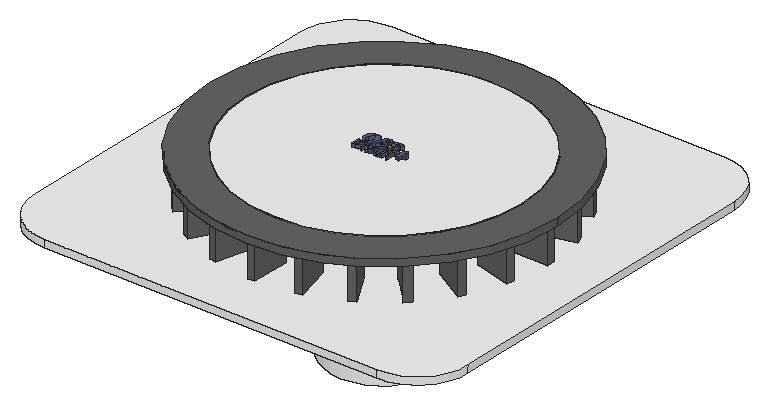
Revit family "QSS+_Воронка кровельная", category Оборудование, Revit 2019
Family settings
  Размер круглого соединителя = Использовать диаметр
  Классификация = Нет
  Тип детали = Нормальный
  На основе рабочей плоскости = Нет
  Всегда вертикально = Да
  При загрузке вырезать с полостями = Нет
  Общий = Нет
  Точка расчета площади = Нет
Parameters (values of type "QSS+")
  Поиск по таблице имен = "QSS+_Воронка кровельная"  # constant formula
  Подогрев [instance] = no
  Материал_Корпус_2 = Пластик
  Материал_Корпус = Металл
  p [instance] = if(Подогрев, 1 mm, 0 mm)  # 0 mm
  k [instance] = size_lookup(Поиск по таблице имен, "k", 80 mm, ADSK_Диаметр условный, p)  # 90 mm
  c2 [instance] = size_lookup(Поиск по таблице имен, "c2", 80 mm, ADSK_Диаметр условный, p)  # 240 mm
  a [instance] = size_lookup(Поиск по таблице имен, "a", 80 mm, ADSK_Диаметр условный, p)  # 125 mm
  URL = "www.agpipe.ru"
  b [instance] = size_lookup(Поиск по таблице имен, "b", 80 mm, ADSK_Диаметр условный, p)  # 30 mm
  c1 [instance] = size_lookup(Поиск по таблице имен, "c1", 80 mm, ADSK_Диаметр условный, p)  # 300 mm
  ADSK_Примечание = ""
  ADSK_Позиция [instance] = ""
  ADSK_Обозначение = ""
  ADSK_Наименование [instance] = size_lookup(Поиск по таблице имен, "ADSK_Наименование", "Нет в каталоге", ADSK_Диаметр условный, p)  # "Воронка кровельная QSS+ DN75"
  ADSK_Масса_Текст [instance] = ""
  ADSK_Код изделия [instance] = size_lookup(Поиск по таблице имен, "ADSK_Код изделия", "Нет в каталоге", ADSK_Диаметр условный, p)  # "QSS-RO-075"
  ADSK_Завод-изготовитель = "Agpipe"  # constant formula
  ADSK_Единица измерения = "шт."  # constant formula
  ADSK_Диаметр условный [instance] = 75 mm
Reference planes
  plane 1 "По центру (Вперед/Назад)": y = 0
  plane 2: z = 0
  plane 3 "По центру (Влево/Вправо)": x = 0
  plane 4: x = -150
  plane 5: x = 150
  plane 6: y = -150
  plane 7: y = 150
  plane 8: z = 30
  plane 9: z = -95
  plane 10: x = 37.5
  plane 11: x = -37.5
Forms (mm)
  Extrusion 1, solid, material "Металл" <- "Материал_Корпус"
    sketch origin (0, 0, 0) x (1, 0, 0) y (0, 1, 0)
      loop
        arc (-115, 150) -> (-139.749, 139.749) -> (-150, 115) r 35
        line (-150, 115) -> (-150, -115)
        arc (-150, -115) -> (-139.749, -139.749) -> (-115, -150) r 35
        line (-115, -150) -> (115, -150)
        arc (115, -150) -> (139.749, -139.749) -> (150, -115) r 35
        line (150, -115) -> (150, 115)
        arc (150, 115) -> (139.749, 139.749) -> (115, 150) r 35
        line (115, 150) -> (-115, 150)
      loop
        circle (0, 0) r 37.5
    from -5 to 0
  Extrusion 2, solid, material "Пластик" <- "Материал_Корпус_2"
    sketch origin (0, 0, 0) x (1, 0, 0) y (0, 1, 0)
      loop
        circle (0, 0) r 120
      loop
        circle (0, 0) r 95
    from 25 to 30
  Extrusion 3, solid, material "Металл" <- "Материал_Корпус"
    sketch origin (0, 0, 0) x (1, 0, 0) y (0, 1, 0)
      loop
        circle (0, 0) r 95
    from 25 to 30
  Extrusion 4, solid, material "Пластик" <- "Материал_Корпус_2"
    sketch origin (0, 0, 0) x (1, 0, 0) y (0, 1, 0)
      loop
        line (-2.5, 115) -> (-2.5, 88.641) -> (2.5, 88.641) -> (2.5, 115) -> (-2.5, 115)
    from 0 to 25
  Extrusion 5, solid, material "Пластик" <- "Материал_Корпус_2"
    sketch origin (0, 0, 0) x (0.965926, -0.258819, 0) y (0.258819, 0.965926, 0)
      loop
        line (-2.5, 115) -> (-2.5, 88.641) -> (2.5, 88.641) -> (2.5, 115) -> (-2.5, 115)
    from 0 to 25
  Extrusion 6, solid, material "Пластик" <- "Материал_Корпус_2"
    sketch origin (0, 0, 0) x (0.866025, -0.5, 0) y (0.5, 0.866025, 0)
      loop
        line (-2.5, 115) -> (-2.5, 88.641) -> (2.5, 88.641) -> (2.5, 115) -> (-2.5, 115)
    from 0 to 25
  Extrusion 7, solid, material "Пластик" <- "Материал_Корпус_2"
    sketch origin (0, 0, 0) x (0.707107, -0.707107, 0) y (0.707107, 0.707107, 0)
      loop
        line (-2.5, 115) -> (-2.5, 88.641) -> (2.5, 88.641) -> (2.5, 115) -> (-2.5, 115)
    from 0 to 25
  Extrusion 8, solid, material "Пластик" <- "Материал_Корпус_2"
    sketch origin (0, 0, 0) x (0.5, -0.866025, 0) y (0.866025, 0.5, 0)
      loop
        line (-2.5, 115) -> (-2.5, 88.641) -> (2.5, 88.641) -> (2.5, 115) -> (-2.5, 115)
    from 0 to 25
  Extrusion 9, solid, material "Пластик" <- "Материал_Корпус_2"
    sketch origin (0, 0, 0) x (0.258819, -0.965926, 0) y (0.965926, 0.258819, 0)
      loop
        line (-2.5, 115) -> (-2.5, 88.641) -> (2.5, 88.641) -> (2.5, 115) -> (-2.5, 115)
    from 0 to 25
  Extrusion 10, solid, material "Пластик" <- "Материал_Корпус_2"
    sketch origin (0, 0, 0) x (0, -1, 0) y (1, 0, 0)
      loop
        line (-2.5, 115) -> (-2.5, 88.641) -> (2.5, 88.641) -> (2.5, 115) -> (-2.5, 115)
    from 0 to 25
  Extrusion 11, solid, material "Пластик" <- "Материал_Корпус_2"
    sketch origin (0, 0, 0) x (-0.258819, -0.965926, 0) y (0.965926, -0.258819, 0)
      loop
        line (-2.5, 115) -> (-2.5, 88.641) -> (2.5, 88.641) -> (2.5, 115) -> (-2.5, 115)
    from 0 to 25
  Extrusion 12, solid, material "Пластик" <- "Материал_Корпус_2"
    sketch origin (0, 0, 0) x (-0.5, -0.866025, 0) y (0.866025, -0.5, 0)
      loop
        line (-2.5, 115) -> (-2.5, 88.641) -> (2.5, 88.641) -> (2.5, 115) -> (-2.5, 115)
    from 0 to 25
  Extrusion 13, solid, material "Пластик" <- "Материал_Корпус_2"
    sketch origin (0, 0, 0) x (-0.707107, -0.707107, 0) y (0.707107, -0.707107, 0)
      loop
        line (-2.5, 115) -> (-2.5, 88.641) -> (2.5, 88.641) -> (2.5, 115) -> (-2.5, 115)
    from 0 to 25
  Extrusion 14, solid, material "Пластик" <- "Материал_Корпус_2"
    sketch origin (0, 0, 0) x (-0.866025, -0.5, 0) y (0.5, -0.866025, 0)
      loop
        line (-2.5, 115) -> (-2.5, 88.641) -> (2.5, 88.641) -> (2.5, 115) -> (-2.5, 115)
    from 0 to 25
  Extrusion 15, solid, material "Пластик" <- "Материал_Корпус_2"
    sketch origin (0, 0, 0) x (-0.965926, -0.258819, 0) y (0.258819, -0.965926, 0)
      loop
        line (-2.5, 115) -> (-2.5, 88.641) -> (2.5, 88.641) -> (2.5, 115) -> (-2.5, 115)
    from 0 to 25
  Extrusion 16, solid, material "Пластик" <- "Материал_Корпус_2"
    sketch origin (0, 0, 0) x (-1, 0, 0) y (0, -1, 0)
      loop
        line (-2.5, 115) -> (-2.5, 88.641) -> (2.5, 88.641) -> (2.5, 115) -> (-2.5, 115)
    from 0 to 25
  Extrusion 17, solid, material "Пластик" <- "Материал_Корпус_2"
    sketch origin (0, 0, 0) x (-0.965926, 0.258819, 0) y (-0.258819, -0.965926, 0)
      loop
        line (-2.5, 115) -> (-2.5, 88.641) -> (2.5, 88.641) -> (2.5, 115) -> (-2.5, 115)
    from 0 to 25
  Extrusion 18, solid, material "Пластик" <- "Материал_Корпус_2"
    sketch origin (0, 0, 0) x (-0.866025, 0.5, 0) y (-0.5, -0.866025, 0)
      loop
        line (-2.5, 115) -> (-2.5, 88.641) -> (2.5, 88.641) -> (2.5, 115) -> (-2.5, 115)
    from 0 to 25
  Extrusion 19, solid, material "Пластик" <- "Материал_Корпус_2"
    sketch origin (0, 0, 0) x (-0.707107, 0.707107, 0) y (-0.707107, -0.707107, 0)
      loop
        line (-2.5, 115) -> (-2.5, 88.641) -> (2.5, 88.641) -> (2.5, 115) -> (-2.5, 115)
    from 0 to 25
  Extrusion 20, solid, material "Пластик" <- "Материал_Корпус_2"
    sketch origin (0, 0, 0) x (-0.5, 0.866025, 0) y (-0.866025, -0.5, 0)
      loop
        line (-2.5, 115) -> (-2.5, 88.641) -> (2.5, 88.641) -> (2.5, 115) -> (-2.5, 115)
    from 0 to 25
  Extrusion 21, solid, material "Пластик" <- "Материал_Корпус_2"
    sketch origin (0, 0, 0) x (-0.258819, 0.965926, 0) y (-0.965926, -0.258819, 0)
      loop
        line (-2.5, 115) -> (-2.5, 88.641) -> (2.5, 88.641) -> (2.5, 115) -> (-2.5, 115)
    from 0 to 25
  Extrusion 22, solid, material "Пластик" <- "Материал_Корпус_2"
    sketch origin (0, 0, 0) x (0, 1, 0) y (-1, 0, 0)
      loop
        line (-2.5, 115) -> (-2.5, 88.641) -> (2.5, 88.641) -> (2.5, 115) -> (-2.5, 115)
    from 0 to 25
  Extrusion 23, solid, material "Пластик" <- "Материал_Корпус_2"
    sketch origin (0, 0, 0) x (0.258819, 0.965926, 0) y (-0.965926, 0.258819, 0)
      loop
        line (-2.5, 115) -> (-2.5, 88.641) -> (2.5, 88.641) -> (2.5, 115) -> (-2.5, 115)
    from 0 to 25
  Extrusion 24, solid, material "Пластик" <- "Материал_Корпус_2"
    sketch origin (0, 0, 0) x (0.5, 0.866025, 0) y (-0.866025, 0.5, 0)
      loop
        line (-2.5, 115) -> (-2.5, 88.641) -> (2.5, 88.641) -> (2.5, 115) -> (-2.5, 115)
    from 0 to 25
  Extrusion 25, solid, material "Пластик" <- "Материал_Корпус_2"
    sketch origin (0, 0, 0) x (0.707107, 0.707107, 0) y (-0.707107, 0.707107, 0)
      loop
        line (-2.5, 115) -> (-2.5, 88.641) -> (2.5, 88.641) -> (2.5, 115) -> (-2.5, 115)
    from 0 to 25
  Extrusion 26, solid, material "Пластик" <- "Материал_Корпус_2"
    sketch origin (0, 0, 0) x (0.866025, 0.5, 0) y (-0.5, 0.866025, 0)
      loop
        line (-2.5, 115) -> (-2.5, 88.641) -> (2.5, 88.641) -> (2.5, 115) -> (-2.5, 115)
    from 0 to 25
  Extrusion 27, solid, material "Пластик" <- "Материал_Корпус_2"
    sketch origin (0, 0, 0) x (0.965926, 0.258819, 0) y (-0.258819, 0.965926, 0)
      loop
        line (-2.5, 115) -> (-2.5, 88.641) -> (2.5, 88.641) -> (2.5, 115) -> (-2.5, 115)
    from 0 to 25
  Revolve 28, solid, material "Металл" <- "Материал_Корпус"
    sketch origin (0, 0, 0) x (1, 0, 0) y (0, 0, 1)
      loop
        line (37.5, -95) -> (37.5, -75) -> (40, -72.5) -> (40, -67.5) -> (54.276, -67.5) -> (55, -66.776) -> (55, -5.627) -> (54.373, -5) -> (35, -5) -> (35, -95) -> (37.5, -95)
      axis (0, -95) -> (0, -5)
    angle from 0 to 360
Lines and regions (mm)
  reference lines
    curve 1: line (-40, 0, 0) -> (40, 0, 0)
Dimensions and locks
  equal spacing: plane 4, plane 3 "По центру (Влево/Вправо)", plane 5
  "c1": plane 4 to plane 5
  equal spacing: plane 7, plane 1 "По центру (Вперед/Назад)", plane 6
  "c1": plane 7 to plane 6
  "b": plane 8 to level
  "a": plane 8 to plane 9
  equal spacing: plane 10, plane 3 "По центру (Влево/Вправо)", plane 11
  plane 10 to plane 11 = 75 mm
  "c2": diameter of Extrusion 2 sketch curve
  diameter of Extrusion 1 sketch curve = 75 mm
  diameter of Extrusion 3 = 190 mm
  aligned and locked: level to plane 2
  aligned and locked: Extrusion 1 sketch curve to plane 7
  aligned and locked: plane 4 to Extrusion 1 sketch curve
  aligned and locked: plane 6 to Extrusion 1 sketch curve
  aligned and locked: Extrusion 1 sketch curve to plane 5
  aligned and locked: plane 8 to Extrusion 2
  aligned and locked: Extrusion 2 to Extrusion 3
  aligned and locked: nested 2 to Extrusion 3
  aligned and locked: plane 3 "По центру (Влево/Вправо)" to nested 2
  aligned and locked: plane 1 "По центру (Вперед/Назад)" to nested 2
Automatic sketch dimensions
  plane 1 "По центру (Вперед/Назад)" to curve 1 = 0 mm
  curve 1 to plane 3 "По центру (Влево/Вправо)" = 40 mm
  plane 3 "По центру (Влево/Вправо)" to curve 1 = 40 mm
  Extrusion 4 sketch curve to Extrusion 4 sketch curve = 26.359 mm
  Extrusion 4 sketch curve to Extrusion 4 sketch curve = 5 mm
  Extrusion 5 sketch curve to Extrusion 5 sketch curve = 26.359 mm
  Extrusion 5 sketch curve to Extrusion 5 sketch curve = 5 mm
  Extrusion 6 sketch curve to Extrusion 6 sketch curve = 26.359 mm
  Extrusion 6 sketch curve to Extrusion 6 sketch curve = 5 mm
  Extrusion 7 sketch curve to Extrusion 7 sketch curve = 26.359 mm
  Extrusion 7 sketch curve to Extrusion 7 sketch curve = 5 mm
  Extrusion 8 sketch curve to Extrusion 8 sketch curve = 26.359 mm
  Extrusion 8 sketch curve to Extrusion 8 sketch curve = 5 mm
  Extrusion 9 sketch curve to Extrusion 9 sketch curve = 26.359 mm
  Extrusion 9 sketch curve to Extrusion 9 sketch curve = 5 mm
  Extrusion 10 sketch curve to Extrusion 10 sketch curve = 26.359 mm
  Extrusion 10 sketch curve to Extrusion 10 sketch curve = 5 mm
  Extrusion 11 sketch curve to Extrusion 11 sketch curve = 26.359 mm
  Extrusion 11 sketch curve to Extrusion 11 sketch curve = 5 mm
  Extrusion 12 sketch curve to Extrusion 12 sketch curve = 26.359 mm
  Extrusion 12 sketch curve to Extrusion 12 sketch curve = 5 mm
  Extrusion 13 sketch curve to Extrusion 13 sketch curve = 26.359 mm
  Extrusion 13 sketch curve to Extrusion 13 sketch curve = 5 mm
  Extrusion 14 sketch curve to Extrusion 14 sketch curve = 26.359 mm
  Extrusion 14 sketch curve to Extrusion 14 sketch curve = 5 mm
  Extrusion 15 sketch curve to Extrusion 15 sketch curve = 26.359 mm
  Extrusion 15 sketch curve to Extrusion 15 sketch curve = 5 mm
  Extrusion 16 sketch curve to Extrusion 16 sketch curve = 26.359 mm
  Extrusion 16 sketch curve to Extrusion 16 sketch curve = 5 mm
  Extrusion 17 sketch curve to Extrusion 17 sketch curve = 26.359 mm
  Extrusion 17 sketch curve to Extrusion 17 sketch curve = 5 mm
  Extrusion 18 sketch curve to Extrusion 18 sketch curve = 26.359 mm
  Extrusion 18 sketch curve to Extrusion 18 sketch curve = 5 mm
  Extrusion 19 sketch curve to Extrusion 19 sketch curve = 26.359 mm
  Extrusion 19 sketch curve to Extrusion 19 sketch curve = 5 mm
  Extrusion 20 sketch curve to Extrusion 20 sketch curve = 26.359 mm
  Extrusion 20 sketch curve to Extrusion 20 sketch curve = 5 mm
  Extrusion 21 sketch curve to Extrusion 21 sketch curve = 26.359 mm
  Extrusion 21 sketch curve to Extrusion 21 sketch curve = 5 mm
  Extrusion 22 sketch curve to Extrusion 22 sketch curve = 26.359 mm
  Extrusion 22 sketch curve to Extrusion 22 sketch curve = 5 mm
  Extrusion 23 sketch curve to Extrusion 23 sketch curve = 26.359 mm
  Extrusion 23 sketch curve to Extrusion 23 sketch curve = 5 mm
  Extrusion 24 sketch curve to Extrusion 24 sketch curve = 26.359 mm
  Extrusion 24 sketch curve to Extrusion 24 sketch curve = 5 mm
  Extrusion 25 sketch curve to Extrusion 25 sketch curve = 26.359 mm
  Extrusion 25 sketch curve to Extrusion 25 sketch curve = 5 mm
  Extrusion 26 sketch curve to Extrusion 26 sketch curve = 26.359 mm
  Extrusion 26 sketch curve to Extrusion 26 sketch curve = 5 mm
  Extrusion 27 sketch curve to Extrusion 27 sketch curve = 26.359 mm
  Extrusion 27 sketch curve to Extrusion 27 sketch curve = 5 mm
  plane 1 "По центру (Вперед/Назад)" to Extrusion 3 sketch curve = 0 mm
  Extrusion 3 sketch curve to plane 3 "По центру (Влево/Вправо)" = 0 mm
  plane 1 "По центру (Вперед/Назад)" to Extrusion 1 sketch curve = 0 mm
  Extrusion 1 sketch curve to plane 3 "По центру (Влево/Вправо)" = 0 mm
  plane 4 to Extrusion 1 sketch curve = 35 mm
  Extrusion 1 sketch curve to Extrusion 1 sketch curve = 35 mm
  Extrusion 1 sketch curve to plane 5 = 35 mm  (x2)
  Revolve 28 sketch curve to plane 3 "По центру (Влево/Вправо)" = 0 mm
  Revolve 28 sketch curve to plane 9 = 0 mm  (x2)
  Revolve 28 sketch curve to plane 10 = 0 mm
  Revolve 28 sketch curve to plane 10 = 2.5 mm
  plane 10 to Revolve 28 sketch curve = 2.5 mm
  Revolve 28 sketch curve to Revolve 28 sketch curve = 14.276 mm
  Revolve 28 sketch curve to level = 5 mm
  plane 10 to Revolve 28 sketch curve = 16.873 mm
  Revolve 28 sketch curve to level = 5.627 mm
  Revolve 28 sketch curve to Revolve 28 sketch curve = 0.627 mm
  Revolve 28 sketch curve to Revolve 28 sketch curve = 20 mm  (x2)
  Revolve 28 sketch curve to Revolve 28 sketch curve = 2.5 mm
  Revolve 28 sketch curve to Revolve 28 sketch curve = 5 mm
  Revolve 28 sketch curve to Revolve 28 sketch curve = 0.724 mm
  Extrusion 2 sketch curve to Extrusion 2 sketch curve = 0 mm  (x2)
  plane 1 "По центру (Вперед/Назад)" to Extrusion 2 sketch curve = 0 mm
  Extrusion 2 sketch curve to plane 3 "По центру (Влево/Вправо)" = 0 mm
  radius of Extrusion 3 sketch curve = 95 mm
  radius of Extrusion 2 sketch curve = 95 mm
Nested families
  nested 1: "QSS+_Нагревательный элемент для воронок" at (0, 0, 0), visible <- "Подогрев", type "QSS+"
    with ADSK_Позиция "", ADSK_Наименование "Нагревательный элемент для воронок", ADSK_Масса_Текст "", ADSK_Код изделия "QSS-NGE-230"
  nested 2: "Лого" at (0, 0, 30), type "Лого"
    with Высота 2 mm
Connectors
  piping at (0, 0, -95), diameter 75, driven by "ADSK_Диаметр условный"
    settings: on Revolve 28, index 1, connector inside diameter 609.6 mm, connector length 0 mm, flow factor 0, pipe flow 0.0 L/s, pressure drop 0.0 Pa, fitting loss kfactor 0, connector angle 0.00°, fixture units 0, engagement length 0 mm, angle of deflection 0.00°, flow configuration 0, flow direction 0, fitting loss method 0, system type 28, joint type 0, gender type 0, connector reference index -1, connector utility 0, adjustable connector no, is connector primary yes, connector description ""
Definition of nested family "Лого"
  Parameters (values of type "Лого")
    Материал_Лого = none
    Высота = 10 mm
  Reference planes
    plane 1 "По центру (Вперед/Назад)": y = 0
    plane 2: z = 0
    plane 3 "По центру (Влево/Вправо)": x = 0
  Forms (mm)
    Extrusion 1, solid, material <- "Материал_Лого"
      sketch origin (0.011, 0.021, 0) x (1, 0, 0) y (0, 1, 0)
        loop
          line (11.196, 0.662) -> (8.786, 0.662) -> (8.786, -1.717) -> (11.196, -1.717) -> (11.196, -4.126) -> (13.605, -4.126) -> (13.605, -1.717) -> (16.014, -1.717) -> (16.014, 0.662) -> (13.605, 0.662) -> (13.605, 3.071) -> (11.196, 3.071) -> (11.196, 0.662)
        loop
          line (-16.035, -2.231) -> (-16.035, -7.927) -> (-13.681, -7.927)
          arc (-13.681, -7.927) -> (-10.833, -5.079) -> (-13.681, -2.231) r 2.848
          line (-13.681, -2.231) -> (-16.035, -2.231)
        loop
          line (-14.941, -3.231) -> (-14.941, -6.907) -> (-13.675, -6.907)
          spline (-13.675, -6.907) -> (-13.29, -6.844) -> (-12.93, -6.661) -> (-12.622, -6.368) -> (-12.385, -5.988) -> (-12.236, -5.545) -> (-12.186, -5.069) -> (-12.236, -4.593) -> (-12.385, -4.15) -> (-12.622, -3.769) -> (-12.93, -3.477) -> (-13.29, -3.294) -> (-13.675, -3.231)
          line (-13.675, -3.231) -> (-14.941, -3.231)
        loop
          line (-10.073, -2.231) -> (-10.073, -7.927) -> (-8.979, -7.927) -> (-8.979, -5.814) -> (-8.144, -5.814) -> (-6.923, -7.927) -> (-4.195, -7.927) -> (-3.764, -6.64) -> (-1.584, -6.64) -> (-1.153, -7.927) -> (0.21, -7.927) -> (-2.006, -2.216) -> (-3.343, -2.216) -> (-5.503, -7.764) -> (-6.891, -5.489)
          spline (-6.891, -5.489) -> (-6.569, -5.283) -> (-6.3, -5.022) -> (-6.095, -4.717) -> (-5.961, -4.38) -> (-5.906, -4.026) -> (-5.931, -3.669) -> (-6.035, -3.324) -> (-6.214, -3.006) -> (-6.461, -2.727) -> (-6.764, -2.499) -> (-7.112, -2.331) -> (-7.491, -2.231)
          line (-7.491, -2.231) -> (-10.073, -2.231)
        loop
          line (-8.979, -3.231) -> (-8.979, -4.901) -> (-7.879, -4.901)
          arc (-7.879, -4.901) -> (-7.203, -4.066) -> (-7.879, -3.231) r 0.853
          line (-7.879, -3.231) -> (-8.979, -3.231)
        loop
          line (-2.674, -3.389) -> (-3.47, -5.764) -> (-1.878, -5.764) -> (-2.674, -3.389)
        loop
          line (0.698, -2.231) -> (0.698, -7.927) -> (1.991, -7.927) -> (1.991, -2.231) -> (0.698, -2.231)
        loop
          arc (-5.726, -0.513) -> (-4.277, -1.348) -> (-2.645, -1.713) r 5.553
          arc (-2.645, -1.713) -> (-1.444, -1.607) -> (-0.334, -1.137) r 3.864
          arc (-0.334, -1.137) -> (0.383, -0.313) -> (0.844, 0.677) r 3.906
          arc (0.844, 0.677) -> (0.918, 1.748) -> (0.517, 2.743) r 2.391
          arc (0.517, 2.743) -> (-0.177, 3.384) -> (-1.009, 3.831) r 3.743
          line (-1.009, 3.831) -> (-2.856, 4.54)
          arc (-2.856, 4.54) -> (-3.258, 5.004) -> (-3.214, 5.616) r 0.802
          arc (-3.214, 5.616) -> (-2.896, 5.984) -> (-2.442, 6.157) r 0.991
          arc (-2.442, 6.157) -> (-1.897, 6.165) -> (-1.362, 6.063) r 2.695
          line (-1.362, 6.063) -> (0, 5.417) -> (0.794, 6.91)
          arc (0.794, 6.91) -> (-1.465, 7.87) -> (-3.889, 7.485) r 4.442
          arc (-3.889, 7.485) -> (-5.272, 5.919) -> (-5.073, 3.84) r 2.623
          arc (-5.073, 3.84) -> (-4.356, 3.014) -> (-3.364, 2.552) r 2.623
          line (-3.364, 2.552) -> (-1.899, 2.104)
          arc (-1.899, 2.104) -> (-1.222, 1.484) -> (-1.278, 0.567) r 1.067
          arc (-1.278, 0.567) -> (-1.848, 0.053) -> (-2.613, 0) r 1.178
          arc (-2.613, 0) -> (-3.214, 0.18) -> (-3.803, 0.396) r 10.617
          line (-3.803, 0.396) -> (-4.741, 1.005) -> (-5.726, -0.513)
        loop
          arc (1.457, -0.513) -> (2.907, -1.348) -> (4.539, -1.713) r 5.553
          arc (4.539, -1.713) -> (5.74, -1.607) -> (6.849, -1.137) r 3.864
          arc (6.849, -1.137) -> (7.566, -0.313) -> (8.027, 0.677) r 3.906
          arc (8.027, 0.677) -> (8.102, 1.748) -> (7.7, 2.743) r 2.391
          arc (7.7, 2.743) -> (7.006, 3.384) -> (6.174, 3.831) r 3.743
          line (6.174, 3.831) -> (4.328, 4.54)
          arc (4.328, 4.54) -> (3.926, 5.004) -> (3.97, 5.616) r 0.802
          arc (3.97, 5.616) -> (4.287, 5.984) -> (4.742, 6.157) r 0.991
          arc (4.742, 6.157) -> (5.286, 6.165) -> (5.821, 6.063) r 2.695
          line (5.821, 6.063) -> (7.183, 5.417) -> (7.977, 6.91)
          arc (7.977, 6.91) -> (5.718, 7.87) -> (3.294, 7.485) r 4.442
          arc (3.294, 7.485) -> (1.911, 5.919) -> (2.11, 3.84) r 2.623
          arc (2.11, 3.84) -> (2.828, 3.014) -> (3.82, 2.552) r 2.623
          line (3.82, 2.552) -> (5.284, 2.104)
          arc (5.284, 2.104) -> (5.962, 1.484) -> (5.906, 0.567) r 1.067
          arc (5.906, 0.567) -> (5.336, 0.053) -> (4.571, 0) r 1.178
          arc (4.571, 0) -> (3.97, 0.18) -> (3.38, 0.396) r 10.617
          line (3.38, 0.396) -> (2.443, 1.005) -> (1.457, -0.513)
        loop
          line (3.118, -2.231) -> (3.118, -7.927) -> (4.271, -7.927) -> (4.271, -4.322) -> (7.119, -7.927) -> (8.079, -7.927) -> (8.079, -2.231) -> (6.927, -2.231) -> (6.927, -5.815) -> (4.095, -2.231) -> (3.118, -2.231)
      from 0 to 10 <- "Высота"
    Extrusion 2, solid, material <- "Материал_Лого"
      sketch origin (0.011, 0.021, 0) x (1, 0, 0) y (0, 1, 0)
        loop
          line (-9.924, -1.619) -> (-8.323, -3.382) -> (-5.741, -3.382) -> (-8.136, -0.745)
          spline (-8.136, -0.745) -> (-6.671, 1.11) -> (-6.264, 3.426) -> (-7.01, 5.658) -> (-8.733, 7.283) -> (-11.03, 7.918) -> (-13.36, 7.414) -> (-15.176, 5.89) -> (-16.051, 3.704) -> (-15.78, 1.369) -> (-14.427, -0.566) -> (-12.309, -1.647) -> (-9.924, -1.619)
        loop
          arc (-13.613, 2.597) -> (-10.838, -0.63) -> (-8.999, 3.207) r 2.541
          arc (-8.999, 3.207) -> (-9.984, 5.059) -> (-11.172, 6.788) r 18.476
          arc (-11.172, 6.788) -> (-12.53, 4.773) -> (-13.613, 2.597) r 18.476
      from 0 to 10 <- "Высота"
  Lines and regions (mm)
    reference lines
      curve 1: line (16.024, -7.913, 0) -> (16.024, 7.913, 0)
      curve 2: line (16.024, 7.913, 0) -> (-16.024, 7.913, 0)
      curve 3: line (-16.024, 7.913, 0) -> (-16.024, -7.913, 0)
      curve 4: line (16.024, -7.913, 0) -> (-16.024, -7.913, 0)
  Dimensions and locks
    aligned and locked: level to plane 2
Definition of nested family "QSS+_Нагревательный элемент для воронок"
  Parameters (values of type "QSS+")
    Материал_Корпус = none
    URL = "www.agpipe.ru"
    ADSK_Примечание = ""
    ADSK_Позиция [instance] = ""
    ADSK_Обозначение = ""
    ADSK_Наименование [instance] = "Нагревательный элемент для воронок"  # constant formula
    ADSK_Масса_Текст [instance] = ""
    ADSK_Код изделия [instance] = "QSS-NGE-230"  # constant formula
    ADSK_Завод-изготовитель = "Agpipe"  # constant formula
  Reference planes
    plane 1 "По центру (Вперед/Назад)": y = 0
    plane 2: z = 0
    plane 3 "По центру (Влево/Вправо)": x = 0
    plane 4: z = 20
    plane 5: z = -20
    plane 6: z = -13.5
    plane 7: z = 3.25
  Forms (mm)
    Extrusion 1, solid, material <- "Материал_Корпус", not visible, detail levels fine
      sketch origin (0, 0, 0) x (1, 0, 0) y (0, 1, 0)
        loop
          line (-10, 10) -> (-10, -10) -> (10, -10) -> (10, 10) -> (-10, 10)
      from 0 to 2.522
  Dimensions and locks
    equal spacing: plane 4, level, plane 5
    plane 4 to plane 5 = 40 mm
    equal spacing: plane 4, plane 7, plane 6
    plane 4 to plane 6 = 33.5 mm
    aligned and locked: level to plane 2
  Automatic sketch dimensions
    Extrusion 1 sketch curve to plane 3 "По центру (Влево/Вправо)" = 10 mm
    Extrusion 1 sketch curve to Extrusion 1 sketch curve = 20 mm  (x2)
    plane 1 "По центру (Вперед/Назад)" to Extrusion 1 sketch curve = 10 mm
